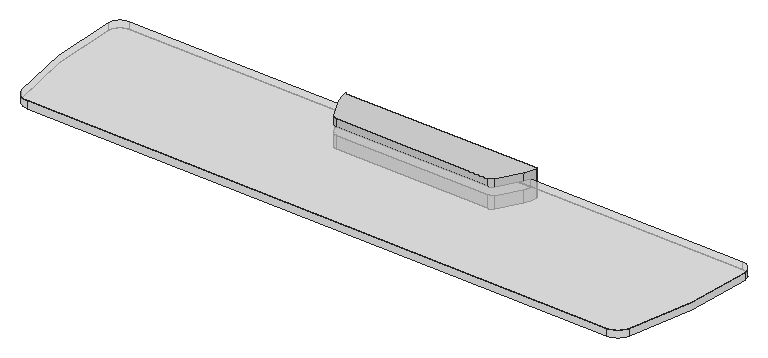
Revit family "Reece_Accessory_Mizu_Silk_Shelf", category Plumbing Fixtures, Revit 2018
Family settings
  Round Connector Dimension = Use Diameter
  Part Type = Normal
  Work Plane-Based = Yes
  Always vertical = Yes
  Cut with Voids When Loaded = Yes
  Shared = Yes
  Room Calculation Point = Yes
Parameters (values of type "Chrome")
  URL = "https://www.reece.com.au/product/-9506624"
  Type Comments = "Accessory"
  Reece_Product_Web Page = "https://www.reece.com.au/product/-9506624"
  Reece_Product_Type = "Accessory"  # constant formula
  Reece_Product_Sub Brand = "Silk"  # constant formula
  Reece_Product_Number = "9506624"
  Reece_Product_Mount = "Wall Mounted"
  Reece_Product_Description = "Mizu Silk Glass Shelf Chrome"
  Reece_Product_Brand = "Mizu"  # constant formula
  Reece_Overall_Width = 530 mm  # constant formula
  Reece_Overall_Height = 22 mm  # constant formula
  Reece_Material_Secondary = Reece_Glass_Frosted
  Reece_Material_Main = Reece_Brass_Chrome
  Reece_Height_From_Level [instance] = 1000 mm
  Reece_Fixing_Point_Width = 100 mm  # constant formula
  Reece_Detail_Shape = ""
  Reece_Detail_Installation = ""
  Reece_Detail_Disclaimer = "THIS FILE IS THE PROPERTY OF THE REECE GROUP. IT MAY NOT BE REPRODUCED, REVERSE-ENGINEERED OR MODIFIED. ANY REPUBLICATION, TRANSMISSION OR DISTRIBUTION FOR THE PURPOSE OF COMMERCIALLY EXPLOITING THE FILES IS PROHIBITED."  # constant formula
  Reece_Detail_Connector = ""
  Reece_Detail_Additional = "Shelf"  # constant formula
  Reece_Accessory_Projection = 129 mm  # constant formula
  Model = "Silk"
  Manufacturer = "Mizu"
  Keynote = "Product #9506624, Reece_Accessory_Mizu_Silk_Shelf - Chrome"
  Disclaimer = "THIS FILE IS THE PROPERTY OF THE REECE GROUP. IT MAY NOT BE REPRODUCED, REVERSE-ENGINEERED OR MODIFIED. ANY REPUBLICATION, TRANSMISSION OR DISTRIBUTION FOR THE PURPOSE OF COMMERCIALLY EXPLOITING THE FILES IS PROHIBITED."  # constant formula
  Description = "Mizu Silk Glass Shelf Chrome"
  Default Elevation = 0 mm
Types (2, lengths in mm): name | Keynote
  (no name) | "Product #9506624, Reece_Accessory_Mizu_Silk_Shelf -  "
  Chrome | "Product #9506624, Reece_Accessory_Mizu_Silk_Shelf - Chrome"
Reference planes
  plane 1 "Center (Front/Back)": y = 0
  plane 2 "Bottom Host Plane": z = -5
  plane 3 "Center (Left/Right)": x = 0
  plane 4 "Fixing Point": z = 1000
  plane 5: x = 265
  plane 6: x = -265
  plane 7: x = -49.806
  plane 8: x = 49.806
  plane 9: y = -129
  plane 10: z = 1009.017
  plane 11: z = 987.017
Forms (mm)
  Extrusion 1, solid, material "Reece_Glass_Frosted" <- "Reece_Material_Secondary"
    sketch origin (0, 0, 9.017) x (1, 0, 0) y (0, 1, 0)
      loop
        arc (-254.738, -5.345) -> (-261.672, -8.139) -> (-264.731, -14.96) r 10
        arc (-264.731, -14.96) -> (-262.718, -67.888) -> (-252.667, -119.892) r 346.747
        arc (-252.667, -119.892) -> (-248.236, -126.463) -> (-240.728, -129) r 12.378
        line (-240.728, -129) -> (240.697, -129)
        arc (240.697, -129) -> (248.241, -126.451) -> (252.692, -119.848) r 12.436
        arc (252.692, -119.848) -> (262.733, -67.866) -> (264.743, -14.96) r 346.756
        arc (264.743, -14.96) -> (261.684, -8.139) -> (254.75, -5.345) r 10
        line (254.75, -5.345) -> (-254.738, -5.345)
    from 987.978 to 993.989
  Extrusion 2, void
    sketch origin (0, 0, 9.017) x (1, 0, 0) y (0, 1, 0)
      loop
        line (79.14, 0) -> (-79.061, 0)
        arc (-79.061, 0) -> (-79.545, -0.227) -> (-79.682, -0.744) r 0.631
        arc (-79.682, -0.744) -> (-78.476, -5.62) -> (-76.666, -10.305) r 39.812
        arc (-76.666, -10.305) -> (-72.181, -19.301) -> (-67.149, -28.003) r 163.05
        arc (-67.149, -28.003) -> (-65.176, -29.885) -> (-62.537, -30.57) r 5.427
        line (-62.537, -30.57) -> (62.912, -30.57)
        arc (62.912, -30.57) -> (65.344, -29.939) -> (67.161, -28.205) r 5
        arc (67.161, -28.205) -> (72.255, -19.402) -> (76.804, -10.304) r 166.826
        arc (76.804, -10.304) -> (78.592, -5.572) -> (79.686, -0.632) r 35.299
        arc (79.686, -0.632) -> (79.558, -0.191) -> (79.14, 0) r 0.552
      loop
        line (-103.429, 36.71) -> (-103.429, -153.29) -> (96.571, -153.29) -> (96.571, 36.71) -> (-103.429, 36.71)
    from 978.017 to 1000
  Extrusion 3, solid, material "Reece_Brass_Chrome" <- "Reece_Material_Main"
    sketch origin (0, 0, 9.017) x (1, 0, 0) y (0, 0, 1)
      loop
        arc (81.571, 978.017) -> (85.106, 979.481) -> (86.571, 983.017) r 5
        line (86.571, 983.017) -> (86.571, 999.495)
        arc (86.571, 999.495) -> (86.423, 999.852) -> (86.066, 1000) r 0.505
        line (86.066, 1000) -> (-85.47, 1000)
        arc (-85.47, 1000) -> (-85.838, 999.848) -> (-85.99, 999.48) r 0.52
        line (-85.99, 999.48) -> (-85.99, 983.432)
        arc (-85.99, 983.432) -> (-84.404, 979.603) -> (-80.575, 978.017) r 5.415
        line (-80.575, 978.017) -> (81.571, 978.017)
    from -9.187 to 128.636
  Extrusion 4, void
    sketch origin (0, 0, 9.017) x (0, 1, 0) y (0, 0, 1)
      loop
        line (-4.981, 994.145) -> (-31.867, 994.145) -> (-31.867, 987.821) -> (-4.981, 987.821) -> (-4.981, 994.145)
    from -81.137 to 94.984
  Extrusion 5, void
    sketch origin (0, 0, 0) x (1, 0, 0) y (0, 0, 1)
      loop
        circle (49.806, 998.595) r 4.505
      loop
        circle (-49.806, 998.595) r 4.505
    from 0 to 5.345
Cuts and joins
  Extrusion 2, Extrusion 4, Extrusion 5 cuts Extrusion 3
Lines and regions (mm)
  model lines, style "InvisibleLines"
    curve 1: line (0, 0, -5) -> (0, 0, 1000)
Text (mm)
  text "Reece ©" at (2565.592, -2023.488, 3427.733), in view "Reece Preview"
Dimensions and locks
  locked: plane 2 "Bottom Host Plane" to level at 5
  "Reece_Height_From_Level": plane 4 "Fixing Point" to level
  plane 6 to plane 5 = 530 mm
  "Reece_Overall_Width": plane 5 to plane 6
  plane 7 to plane 8 = 99.611 mm  (x3)
  Extrusion 4 sketch curve to plane 4 "Fixing Point" to Extrusion 4 sketch curve = 3.162 mm locked, 3.162 mm locked
  Extrusion 1 to plane 4 "Fixing Point" to Extrusion 1 = 3.006 mm locked, 3.006 mm locked
  level to plane 4 "Fixing Point" = 1000 mm  (x2)
  "Reece_Accessory_Projection": plane 1 "Center (Front/Back)" to plane 9
  plane 10 to plane 11 = 22 mm
  "Reece_Overall_Height": plane 10 to plane 11
  plane 9 to plane 1 "Center (Front/Back)" = 129 mm
  plane 11 to plane 10 = 22 mm
  aligned and locked: plane 4 "Fixing Point" to curve 1
  aligned and locked: Extrusion 2 to Extrusion 3  (x2)
  aligned and locked: Extrusion 5 to curve 1
Automatic sketch dimensions
  curve 1 to plane 3 "Center (Left/Right)" = 0 mm
  curve 1 to plane 2 "Bottom Host Plane" = 0 mm
  plane 1 "Center (Front/Back)" to Extrusion 1 sketch curve = 5.345 mm
  plane 6 to Extrusion 1 sketch curve = 10.262 mm
  plane 6 to Extrusion 1 sketch curve = 24.272 mm
  plane 7 to Extrusion 1 sketch curve = 31.951 mm
  plane 5 to Extrusion 1 sketch curve = 24.303 mm
  plane 5 to Extrusion 1 sketch curve = 10.25 mm
  Extrusion 1 sketch curve to Extrusion 1 sketch curve = 10 mm  (x2)
  plane 1 "Center (Front/Back)" to Extrusion 1 sketch curve = 28.285 mm  (x2)
  Extrusion 1 sketch curve to Extrusion 1 sketch curve = 101.219 mm
  Extrusion 1 sketch curve to Extrusion 1 sketch curve = 12.378 mm
  Extrusion 1 sketch curve to Extrusion 1 sketch curve = 0 mm  (x2)
  plane 1 "Center (Front/Back)" to Extrusion 2 sketch curve = 0 mm
  plane 7 to Extrusion 2 sketch curve = 53.624 mm
  plane 7 to Extrusion 2 sketch curve = 29.255 mm
  plane 7 to Extrusion 2 sketch curve = 24.814 mm
  plane 7 to Extrusion 2 sketch curve = 12.731 mm
  Extrusion 2 sketch curve to plane 7 = 9.298 mm
  Extrusion 2 sketch curve to plane 8 = 5.042 mm
  plane 8 to Extrusion 2 sketch curve = 13.106 mm
  plane 8 to Extrusion 2 sketch curve = 21.617 mm
  plane 1 "Center (Front/Back)" to Extrusion 2 sketch curve = 0.552 mm
  plane 8 to Extrusion 2 sketch curve = 29.335 mm
  Extrusion 2 sketch curve to Extrusion 2 sketch curve = 25.148 mm
  plane 1 "Center (Front/Back)" to Extrusion 2 sketch curve = 0.631 mm
  plane 1 "Center (Front/Back)" to Extrusion 2 sketch curve = 25.143 mm
  plane 1 "Center (Front/Back)" to Extrusion 2 sketch curve = 25.57 mm
  Extrusion 2 sketch curve to Extrusion 2 sketch curve = 5.427 mm
  Extrusion 2 sketch curve to Extrusion 2 sketch curve = 122.719 mm
  Extrusion 2 sketch curve to plane 1 "Center (Front/Back)" = 4.51 mm
  Extrusion 2 sketch curve to plane 1 "Center (Front/Back)" = 6.354 mm
  Extrusion 2 sketch curve to plane 1 "Center (Front/Back)" = 36.71 mm
  Extrusion 2 sketch curve to Extrusion 2 sketch curve = 21.212 mm
  Extrusion 2 sketch curve to Extrusion 2 sketch curve = 22.999 mm
  Extrusion 2 sketch curve to Extrusion 2 sketch curve = 0 mm  (x4)
  plane 4 "Fixing Point" to Extrusion 3 sketch curve = 7.551 mm
  plane 7 to Extrusion 3 sketch curve = 36.185 mm
  Extrusion 3 sketch curve to Extrusion 3 sketch curve = 0.52 mm
  Extrusion 3 sketch curve to Extrusion 3 sketch curve = 5.415 mm
  plane 8 to Extrusion 3 sketch curve = 31.765 mm
  Extrusion 3 sketch curve to Extrusion 3 sketch curve = 4.495 mm
  Extrusion 3 sketch curve to Extrusion 3 sketch curve = 5 mm
  Extrusion 3 sketch curve to plane 4 "Fixing Point" = 8.497 mm
  plane 1 "Center (Front/Back)" to Extrusion 4 sketch curve = 31.867 mm
  plane 1 "Center (Front/Back)" to Extrusion 4 sketch curve = 4.981 mm
  plane 8 to Extrusion 1 sketch curve = 31.954 mm
  Extrusion 1 sketch curve to Extrusion 1 sketch curve = 101.277 mm
  plane 7 to Extrusion 5 sketch curve = 0 mm
  plane 8 to Extrusion 5 sketch curve = 0 mm
  plane 4 "Fixing Point" to Extrusion 5 sketch curve = 1.405 mm  (x2)
  radius of Extrusion 5 sketch curve = 4.505 mm  (x2)
